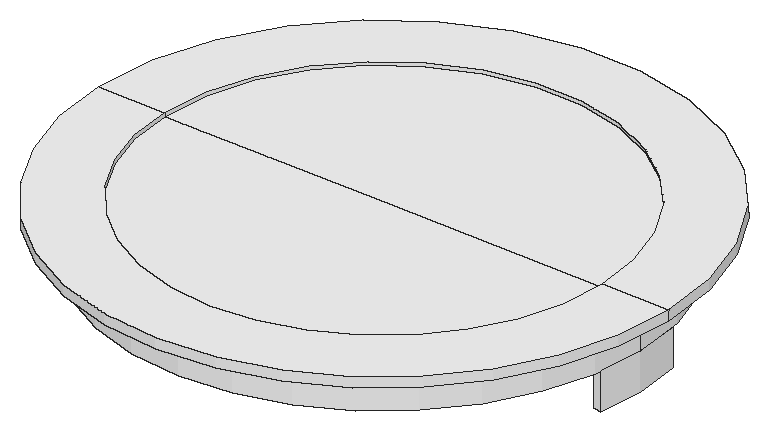
Revit family "0053891 Sylvania Lighting Fixture START eco Downlight Flat 1000lm 830 DIM", category Lighting Fixtures, host Face, Revit 2016
Family settings
  Host = Face
  Part Type = Normal
  Round Connector Dimension = Use Diameter
  OmniClass Number = 23.80.70.11.14.11
  OmniClass Title = Downlights
  Cut with Voids When Loaded = No
  Light Source = Yes
  Shared = No
  Room Calculation Point = No
Parameters (values of type "0053891 START eco Downlight Flat 1000lm 830 DIM ")
  Weight = "8.66 kg"
  Wattage Comments = "n/a"
  Wattage = 13 W
  WarrantyStartDate [instance] = "n/a"
  WarrantyGuarantorParts = "n/a"
  WarrantyDurationUnit = "year"
  WarrantyDurationParts = "n/a"
  WarrantyDescription = "n/a"
  built-in parameter 1150110 = 1 (stored number, unit not read)
  Voltage = 230 V
  URL = "http://www.feilosylvania.com"
  TypeName = "START eco Downlight Flat 1000lm 830 DIM"
  Type Image = <None>
  Type Comments = "n/a"
  built-in parameter 1114217 = 1 (stored number, unit not read)
  Tilt Angle = -90.00°
  built-in parameter 1150109 = 1 (stored number, unit not read)
  built-in parameter 1150134 = (empty or 0)
  built-in parameter 1150113 = 1 (stored number, unit not read)
  SpringMountStartAngle_FEILO = -SpringMountEndAngle_FEILO  # -10.00°
  SpringMountEndAngle_FEILO = 10.00°
  SerialNumber [instance] = "n/a"
  ReflectorMaterial = none
  RecessedHeight_FEILO = 22 mm
  RecessedDiameter_FEILO = 155 mm
  PowerFactor = 0
  PowerConsumption = "13 W"
  Photometric Web File = "0053308.ies"
  NominalLength = 172 mm
  NominalHeight = 22 mm
  NominalDepth = 172 mm
  Name = "START eco Downlight Flat 1000lm 830 DIM"
  ModelReference = Name  # "START eco Downlight Flat 1000lm 830 DIM"
  ModelNumber = "0053891"
  Model = Name  # "START eco Downlight Flat 1000lm 830 DIM"
  Material = "Aluminium"
  ManufacturerName = "Feilo Sylvania"
  Manufacturer = "Feilo Sylvania"
  LuminousEfficacy = "80 lm/W"
  built-in parameter 1150105 = 82.761 (stored number, unit not read)
  Lumens = 1040 lm
  LuminaireType = "LED recessed downlight"
  built-in parameter 1150115 = 1 (stored number, unit not read)
  LightOutputRatio = "1"
  built-in parameter 1150137 = (empty or 0)
  built-in parameter 1150139 = (empty or 0)
  LampsType = Lamp  # "LED"
  LampNominalLuminous = "1038 lm"
  LampMacAdamStep = "n/a"
  LampColourTemperature = "3000 K"
  LampColourRenderingIndex = "80"
  built-in parameter 1150112 = 1 (stored number, unit not read)
  built-in parameter 1150114 = 1 (stored number, unit not read)
  Lamp = "LED"
  Keynote = "16500"
  InstallationDate [instance] = "n/a"
  InputVoltage = "220-240V~"
  InputNominalFrequency = "50/60 Hz"
  built-in parameter 1150132 = (empty or 0)
  built-in parameter 1150102 = (empty or 0)
  built-in parameter 1150107 = 3000 (stored number, unit not read)
  built-in parameter 1150138 = (empty or 0)
  IngressProtection = "IP44"
  ImpactProtectionIndex = "IK06"
  built-in parameter 1150106 = 0.82761 (stored number, unit not read)
  IfcExportType = "IfcLightFixtureType"
  IfcExportAs = "IfcLightFixtureType"
  ExpectedLife = 50000
  Emit from Circle Diameter = 132 mm
  Emit Shape Visible in Rendering = no
  ElectricShockClassification = "Class II"
  built-in parameter 1150104 = 7.4322 (stored number, unit not read)
  DurationUnit = "hours"
  DocumentationLiterature = "http://www.feilosylvania.com/product/en-int/products/0053308"
  DimmingControlOptions = "Dimmable"
  Dimming Lamp Color Temperature Shift = <None>
  DiffuserMaterial = Diffuser-Sylvania-Glow
  Description = "Integrated LED recessed downlight providing 1040 fixture lumens at a wattage of 13W giving a high efficacy of 80lm/W. Fitting includes Leading/Trailing edge phase dimmable driver and has a round ceiling cut out of 155mm with an IP20 and IK02 rating providing uniform distribution with an Opal diffuser and 110° beam angle. Provided including a Loop in Loop out box and built Built white aluminium housing."
  Default Elevation = 1219.2 mm
  CutoutHeight_FEILO = RecessedHeight_FEILO + 10 mm  # 32 mm
  CreatedOn = "'03-11-2017"
  CreatedBy = "aron.fodor@feilosylvania.com"
  Cost = 0
  Color Filter = 16777215
  built-in parameter 1114216 [instance] = (empty or 0)
  ClassificationValue = "EF_70_80"
  ClassificationName = "Uniclass2015"
  BodyWidth_FEILO = 172 mm
  BodyMaterial = Body-Sylvania-SylFlatDimmable-White
  BodyLength_FEILO = 172 mm
  BodyHeight_FEILO = 11 mm
  BarCode [instance] = "n/a"
  built-in parameter 1114218 = 1 (stored number, unit not read)
  built-in parameter 1150133 = 10 (stored number, unit not read)
  AssetType = "Fixed"
  AssetIdentifier [instance] = "n/a"
  Assembly Code = "D5020200"
  Apparent Load = 0 VA
  AccessoryMaterial = Diffuser-Sylvania-Glow
Reference planes
  plane 1 "Center (Front/Back)": y = 0
  plane 2: z = 0
  plane 3 "Center (Left/Right)": x = 0
  plane 4: x = 86
  plane 5: x = -86
  plane 6: y = 86
  plane 7: y = -86
  plane 8: z = 3
  plane 9: z = -22
  plane 10: x = 77.5
  plane 11: x = -77.5
  plane 12: y = 77.5
  plane 13: y = -77.5
  plane 14: z = 2
  plane 15: x = -66
  plane 16: z = -11
  plane 17: x = -75
  plane 18: x = 75
  plane 19: z = -32
Forms (mm)
  Revolve 1, solid, material "Body-Sylvania-SylFlatDimmable-White" <- "BodyMaterial"
    sketch origin (0, 0, 0) x (1, 0, 0) y (0, 0, 1)
      loop
        line (0, -11) -> (0, 2) -> (-66, 2) -> (-66, 3) -> (-86, 3) -> (-86, 0) -> (-77.5, 0) -> (-77.5, -11) -> (0, -11)
      axis (0, 3) -> (0, -11)
    angle from 360 to 0
  Revolve 2, solid, material "Body-Sylvania-SylFlatDimmable-White" <- "BodyMaterial"
    sketch origin (0.654, 0, 0) x (1, 0, 0) y (0, 0, 1)
      loop
        line (-78.154, -11) -> (-78.154, -22) -> (-75.654, -22) -> (-75.654, -11) -> (-78.154, -11)
      axis (-0.654, -11) -> (-0.654, -22)
    angle from -10 <- "SpringMountStartAngle_FEILO" to 10 <- "SpringMountEndAngle_FEILO"
  Revolve 3, solid, material "Body-Sylvania-SylFlatDimmable-White" <- "BodyMaterial"
    sketch origin (0, 0, 0) x (1, 0, 0) y (0, 0, 1)
      loop
        line (77.5, -11) -> (75, -11) -> (75, -22) -> (77.5, -22) -> (77.5, -11)
      axis (0, -11) -> (0, -22)
    angle from -10 <- "SpringMountStartAngle_FEILO" to 10 <- "SpringMountEndAngle_FEILO"
  Revolve 4, void
    sketch origin (0, 0, 0) x (1, 0, 0) y (0, 0, 1)
      loop
        line (0, 0) -> (-77.5, 0) -> (-77.5, -32) -> (0, -32) -> (0, 0)
      axis (0, 0) -> (0, -32)
    angle from 360 to 0
Cuts and joins
  joined: Revolve 1, Revolve 2, Revolve 3
Dimensions and locks
  equal spacing: plane 5, plane 3 "Center (Left/Right)", plane 4
  equal spacing: plane 7, plane 1 "Center (Front/Back)", plane 6
  "BodyWidth_FEILO": plane 7 to plane 6
  "BodyLength_FEILO": plane 5 to plane 4
  "RecessedHeight_FEILO": plane 2 to plane 9
  locked: plane 8 to plane 2 at 3
  equal spacing: plane 11, plane 3 "Center (Left/Right)", plane 10
  "RecessedDiameter_FEILO": plane 11 to plane 10
  equal spacing: plane 13, plane 1 "Center (Front/Back)", plane 12
  "RecessedDiameter_FEILO": plane 13 to plane 12
  locked: plane 14 to plane 2 at 2
  locked: plane 15 to plane 5 at 20
  "BodyHeight_FEILO": plane 2 to plane 16
  equal spacing: plane 18, plane 3 "Center (Left/Right)", plane 17
  locked: plane 17 to plane 11 at 2.5
  "CutoutHeight_FEILO": plane 2 to plane 19
  aligned and locked: plane 2 to host face
  aligned and locked: level to host face
  aligned and locked: plane 3 "Center (Left/Right)" to Revolve 1 sketch curve
  aligned and locked: Revolve 1 sketch curve to plane 14
  aligned and locked: plane 15 to Revolve 1 sketch curve
  aligned and locked: Revolve 1 sketch curve to plane 8
  aligned and locked: Revolve 1 sketch curve to plane 5
  aligned and locked: Revolve 1 sketch curve to plane 11
  aligned and locked: Revolve 1 sketch curve to plane 3 "Center (Left/Right)"
  aligned and locked: Revolve 1 sketch curve to level
  aligned and locked: plane 16 to Revolve 1 sketch curve
  aligned and locked: Revolve 2 sketch curve to Revolve 1  (x2)
  aligned and locked: Revolve 2 sketch curve to plane 9
  aligned and locked: Revolve 2 sketch curve to plane 17
  aligned and locked: Revolve 2 sketch curve to plane 3 "Center (Left/Right)"
  aligned and locked: Revolve 3 sketch curve to plane 3 "Center (Left/Right)"
  aligned and locked: Revolve 3 sketch curve to Revolve 1  (x2)
  aligned and locked: plane 9 to Revolve 3 sketch curve
  aligned and locked: Revolve 3 sketch curve to plane 18
  aligned and locked: Revolve 4 sketch curve to plane 3 "Center (Left/Right)"
  aligned and locked: plane 19 to Revolve 4 sketch curve
  aligned and locked: plane 3 "Center (Left/Right)" to Revolve 4 sketch curve
  aligned and locked: Revolve 4 sketch curve to plane 11
  aligned and locked: level to Revolve 4 sketch curve
  aligned and locked: imposter light to plane 14
  aligned and locked: plane 3 "Center (Left/Right)" to imposter light
  aligned and locked: imposter light to plane 1 "Center (Front/Back)"
Automatic sketch dimensions
  host sketch curve to host sketch curve = 2438.4 mm  (x2)
  plane 9 to Revolve 1 sketch curve = 587.6 mm
  Revolve 1 sketch curve to plane 8 = 2606.058 mm
  plane 9 to Revolve 2 sketch curve = 587.6 mm
  Revolve 2 sketch curve to plane 8 = 2606.058 mm
  plane 9 to Revolve 3 sketch curve = 587.6 mm
  Revolve 3 sketch curve to plane 8 = 2606.058 mm
  plane 19 to Revolve 4 sketch curve = 577.6 mm
  Revolve 4 sketch curve to plane 8 = 2606.058 mm
Connectors
  electrical at (0, 0, 0), driven by "Apparent Load", driven by "PowerFactor", driven by "Voltage"
    settings: index 1, voltage 230 V, apparent load 0 VA, apparent load phase1 0 VA, apparent load phase2 0 VA, apparent load phase3 0 VA, power factor 0, load classification "Lighting", number of poles 1, system type 30, power factor state 1, is connector primary yes, connector utility no, sub classification motor no, connector description ""
